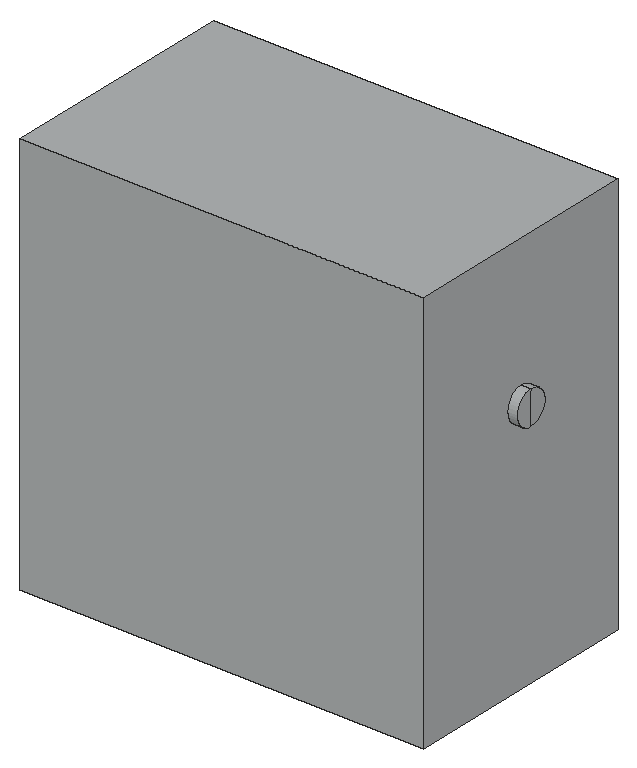
Revit family "Interceptor-Sand_Sediment-WATTS-Heavy_Duty-Type_SA", category Specialty Equipment, host Face, Revit 2014
Parameters (values of type "SA-310")
  Waste Connection = yes
  WFU = 0
  Vent Connection = no
  URL = "http://www.watts.com"
  Shipping Weight = 1600.00 lbf
  Region = "North America"  # constant formula
  Product Page URL = "http://www.watts.com/pages/_products_details.asp?pid=1266"
  Product Documentation Link = "http://media.wattswater.com/ES-WD-SA-Series.PDF"
  Model = "SA-310"
  Material = "Metal-WATTS-Steel-Epoxy Coated"  # constant formula
  Manufacturer Product Line = "Drainage Products"  # constant formula
  Manufacturer = "WATTS"  # constant formula
  HWFU = 0
  HW Connection = no
  Description = "Watts Drainage Products SA Series heavy duty epoxy coated steel sand and sediment interceptor with gasketed epoxy coated steel skid-proof cover secured with hex head center bolt(s), internal straining baffles, 2 in. (51mm) no hub vents, and 4 in. (102mm) no hub (standard) connections."  # constant formula
  Default Elevation = 0.000"
  Pipe Radius = 2"
  Country = "United States"  # constant formula
  Connection Radius = 2.500"  # constant formula
  Connection Length = 1.562"  # constant formula
  Connection Height = 38.000"  # constant formula
  CWFU = 0
  CW Connection = no
  Body Width = 18.000"  # constant formula
  Body Length = 30.000"
  Body Height = 60.000"  # constant formula
  Assembly Code = "D2090300"
Types (8): name | Shipping Weight | Model | Body Length
  (no name) | 1600.00 lbf | "SA-310" | 30.000"
  SA-310 | 1600.00 lbf | "SA-310" | 30.000"
  SA-410 | 1750.00 lbf | "SA-410" | 36.000"
  SA-510 | 2100.00 lbf | "SA-510" | 48.000"
  SA-610 | 2500.00 lbf | "SA-610" | 54.000"
  SA-710 | 2700.00 lbf | "SA-710" | 60.000"
  SA-810 | 3000.00 lbf | "SA-810" | 72.000"
  SA-1010 | 3640.00 lbf | "SA-1010" | 90.000"
Reference planes (in)
  plane 1 "Center (Front/Back)": y = 0
  plane 2: z = 0
  plane 3 "Center (Left/Right)": x = 0
  plane 4 "Body Back": y = 18
  plane 5 "Body Front": y = -18
  plane 6 "Body Left": x = -30
  plane 7 "Body Right": x = 30
  plane 8 "Body Top": z = 60
  plane 9 "Connections": z = 38
Forms (in)
  Extrusion 1, solid, material "Metal-WATTS-Steel-Epoxy Coated"
    sketch origin (0, 0, 0) x (1, 0, 0) y (0, 1, 0)
      loop
        line (-30, 18) -> (-30, -18) -> (30, -18) -> (30, 18) -> (-30, 18)
    from 0 to 60
  Revolve 2, solid, material "Metal-WATTS-Steel-Epoxy Coated"
    sketch origin (0, 0, 0) x (1, 0, 0) y (0, 0, 1)
      loop
        line (-30, 38) -> (-31.562, 38) -> (-31.562, 35.5) -> (-30, 35.5) -> (-30, 38)
      loop
        line (30, 38) -> (30, 35.5) -> (31.562, 35.5) -> (31.562, 38) -> (30, 38)
      axis (-31.562, 38) -> (31.562, 38)
    angle from 0 to 360
Cuts and joins
  joined: Extrusion 1, Revolve 2
Lines and regions (in)
  Masking region 1
    outline origin (0, 0, 0) x (1, 0, 0) y (0, 1, 0)
      loop
        line (30, 18) -> (-30, 18) -> (-30, 2.5) -> (-31.562, 2.5) -> (-31.562, -2.5) -> (-30, -2.5) -> (-30, -18) -> (30, -18) -> (30, -2.5) -> (31.562, -2.5) -> (31.562, 2.5) -> (30, 2.5) -> (30, 18)
  symbolic lines, detail levels medium+fine
    curve 1: line (-30, 2.5, 0) -> (-30, -2.5, 0)
    curve 2: line (30, -2.5, 0) -> (30, 2.5, 0)
Dimensions and locks (in)
  "Body Length": plane 6 "Body Left" to plane 3 "Center (Left/Right)"
  "Body Length": plane 3 "Center (Left/Right)" to plane 7 "Body Right"
  "Body Width": plane 1 "Center (Front/Back)" to plane 4 "Body Back"
  "Body Width": plane 5 "Body Front" to plane 1 "Center (Front/Back)"
  "Body Height": plane 8 "Body Top" to plane 2
  "Connection Height": plane 9 "Connections" to plane 2
  "Connection Radius": plane 9 "Connections" to Revolve 2 sketch curve
  "Connection Length": plane 6 "Body Left" to Revolve 2 sketch curve
  "Connection Length": Revolve 2 sketch curve to plane 7 "Body Right"
  "Connection Radius": plane 1 "Center (Front/Back)" to Masking region 1 sketch curve  (x2)
  "Connection Radius": Masking region 1 sketch curve to plane 1 "Center (Front/Back)"  (x2)
  aligned and locked: plane 2 to host face
  aligned and locked: level to host face
  aligned and locked: Extrusion 1 sketch curve to plane 4 "Body Back"
  aligned and locked: plane 6 "Body Left" to Extrusion 1 sketch curve
  aligned and locked: plane 5 "Body Front" to Extrusion 1 sketch curve
  aligned and locked: Extrusion 1 sketch curve to plane 7 "Body Right"
  aligned and locked: plane 8 "Body Top" to Extrusion 1
  aligned and locked: Extrusion 1 to level
  aligned and locked: plane 9 "Connections" to Revolve 2 sketch curve
  aligned and locked: plane 6 "Body Left" to Revolve 2 sketch curve
  aligned and locked: Revolve 2 sketch curve to plane 9 "Connections"  (x2)
  aligned and locked: plane 7 "Body Right" to Revolve 2 sketch curve
  aligned and locked: Revolve 2 sketch curve to Revolve 2 sketch curve
  aligned and locked: cut or joined group of Extrusion 1, Revolve 2 to Masking region 1 sketch curve  (x2)
  aligned and locked: Masking region 1 sketch curve to cut or joined group of Extrusion 1, Revolve 2  (x4)
  aligned and locked: Masking region 1 sketch curve to plane 6 "Body Left"
  aligned and locked: plane 7 "Body Right" to Masking region 1 sketch curve
  aligned and locked: cut or joined group of Extrusion 1, Revolve 2 to curve 1
  aligned and locked: cut or joined group of Extrusion 1, Revolve 2 to curve 2
  aligned and locked: curve 1 to Masking region 1
  aligned and locked: Masking region 1 to curve 1
  aligned and locked: Masking region 1 to curve 2
  aligned and locked: curve 2 to Masking region 1
Automatic sketch dimensions
  host sketch curve to host sketch curve = 96.000"  (x2)
  Revolve 2 sketch curve to Revolve 2 sketch curve = 12.000"
  Revolve 2 sketch curve to Revolve 2 sketch curve = 5.876"
Connectors (in)
  piping at (-31.562, 0, 38), diameter 4, driven by "WFU", driven by "Pipe Radius"
    settings: on cut or joined group of Extrusion 1, Revolve 2, index 1, connector inside diameter 4", connector length 0.000", flow factor 0, pipe flow 0 GPM, pressure drop 0.00 psi, fitting loss kfactor 0, connector angle 0.00°, fixture units 0, engagement length 0.000", angle of deflection 0.00°, flow configuration 0, flow direction 1, fitting loss method 0, system type 29, joint type 0, gender type 0, connector reference index 2, connector utility 0, adjustable connector no, is connector primary yes, connector description "Inlet Connection"
  piping at (31.562, 0, 38), diameter 4, driven by "WFU", driven by "Pipe Radius"
    settings: on cut or joined group of Extrusion 1, Revolve 2, index 2, connector inside diameter 4", connector length 0.000", flow factor 0, pipe flow 0 GPM, pressure drop 0.00 psi, fitting loss kfactor 0, connector angle 0.00°, fixture units 0, engagement length 0.000", angle of deflection 0.00°, flow configuration 0, flow direction 2, fitting loss method 0, system type 29, joint type 0, gender type 0, connector reference index 1, connector utility 0, adjustable connector no, is connector primary no, connector description "Outlet Connection"
